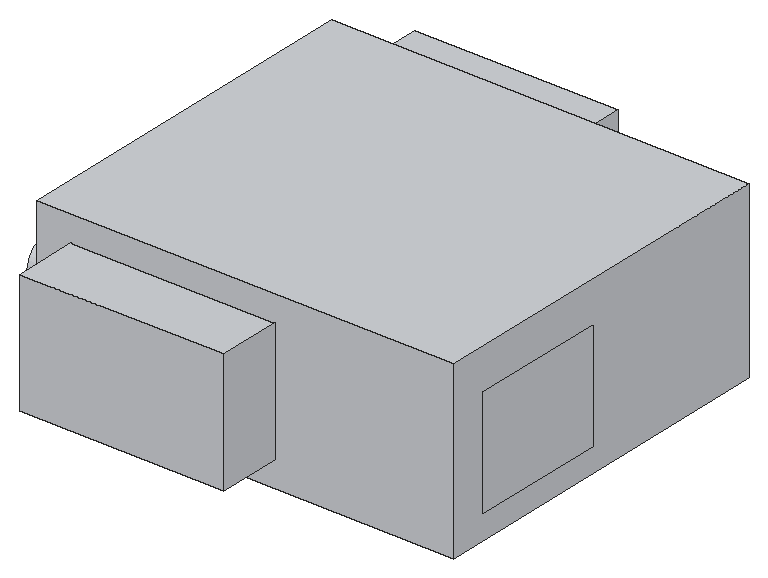
Revit family "M_Unidade terminal - Alimentação por ventilador - Controle digital - IAQ", category Equipamento mecânico, Revit 2019
Family settings
  Cota do conector redondo = Usar raio
  Tipo de parte = Normal
  Número OmniClass = 23.75.70.21.24.14
  Título OmniClass = Variable Volume Air Terminal Units
  ID de item do Seek = Terminal Unit - Fan Powered - Digital Controlled - IAQ-0000-CAN-ENU
  Com base no plano de trabalho = Não
  Sempre na vertical = Sim
  Corte com vazios quando carregada = Não
  Compartilhado = Não
  Ponto de cálculo do ambiente = Não
Parameters (values of type "Unidade tamanho 3")
  Largura = 920 mm
  Voltagem = 115 V
  Queda de pressão da unidade [instance] = 47.0 Pa
  Fluxo de ar de fornecimento [instance] = 425.0 L/s
  Fluxo de ar do ar primário [instance] = Fluxo de ar de fornecimento * 0.5  # 212.5 L/s
  Pólos = 1
  Classificação de carga = Refrigeração
  Carga = 500 VA
  Comprimento = 1040 mm
  Fluxo de ar do ar induzido [instance] = Fluxo de ar de fornecimento * 0.4  # 170.0 L/s
  Fluxo de ar do ar IAQ [instance] = Fluxo de ar de fornecimento * 0.1  # 42.5 L/s
  Altura = 435 mm
  HP = 0.17 W
  Cota R = 216 mm
  Cota P = 127 mm
  Cota N = 73 mm
  Cota M = 222.3 mm
  Cota K = 102 mm
  Cota J = 275 mm
  Cota G = 89 mm
  Cota F = 350 mm
  Cota E = 365 mm
  Cota D2 Raio = Cota D2 Diâmetro / 2  # 50 mm
  Cota D2 Diâmetro = 100 mm
  Cota D Raio = Cota D Diâmetro / 2  # 100 mm
  Cota D Diâmetro = 200 mm
  Cota C = 250 mm
  Cota B = 216 mm
  Cota A = 153 mm
  Assembly Code = ""
Types (5, lengths in mm): name | Largura | Voltagem | Queda de pressão da unidade | Fluxo de ar de fornecimento | Fluxo de ar do ar primário | Pólos | Carga | Comprimento | Fluxo de ar do ar induzido | Fluxo de ar do ar IAQ | Altura | HP | Cota R | Cota P | Cota N | Cota M | Cota K | Cota J | Cota G | Cota F | Cota E | Cota D2 Raio | Cota D2 Diâmetro | Cota D Raio | Cota D Diâmetro | Cota C | Cota B | Cota A
  Unidade tamanho 3 | 920 | 115 V | 47.0 Pa | 425.0 L/s | 212.5 L/s | 1 | 500 VA | 1040 | 170.0 L/s | 42.5 L/s | 435 | 0.17 W | 216 | 127 | 73 | 222.3 | 102 | 275 | 89 | 350 | 365 | 50 | 100 | 100 | 200 | 250 | 216 | 153
  Unidade tamanho 4 | 920 | 115 V | 42.0 Pa | 610.0 L/s | 305.0 L/s | 1 | 1000 VA | 1040 | 244.0 L/s | 61.0 L/s | 435 | 0.33 W | 216 | 127 | 124 | 222 | 102 | 275 | 89 | 350 | 365 | 75 | 150 | 125 | 250 | 250 | 216 | 178
  Unidade tamanho 5 | 1223 | 115 V | 40.0 Pa | 700.0 L/s | 350.0 L/s | 1 | 1200 VA | 1191 | 280.0 L/s | 70.0 L/s | 511.2 | 0.33 W | 254 | 140 | 124 | 280 | 64 | 365 | 240 | 415 | 440 | 100 | 200 | 150 | 300 | 460 | 258 | 203
  Unidade tamanho 6 | 1223 | 115 V | 42.0 Pa | 945.0 L/s | 472.5 L/s | 1 | 1400 VA | 1190 | 378.0 L/s | 94.5 L/s | 512 | 0.75 W | 254 | 140 | 175 | 280 | 64 | 365 | 241 | 415 | 440 | 100 | 200 | 175 | 350 | 460 | 258 | 254
  Unidade tamanho 7 | 1223 | 208 V | 37.0 Pa | 1130.0 L/s | 565.0 L/s | 3 | 2800 VA | 1190 | 452.0 L/s | 113.0 L/s | 512 | 1 W | 254 | 140 | 175 | 280 | 63.5 | 400 | 240 | 450 | 440 | 100 | 200 | 200 | 400 | 450 | 258 | 280
Reference planes
  plane 1 "Centro (Frente/Trás)": y = 0
  plane 2: z = 0
  plane 3 "Centro (Esquerda/Direita)": x = 0
  plane 4 "Largura": y = 920
  plane 5 "Comprimento": x = -1040
  plane 6: z = 435
  plane 7: x = -1033.65
  plane 8: x = -6.35
  plane 9: y = 89
  plane 10: y = 439
  plane 11: z = 333
  plane 12: z = 58
  plane 13 "N": x = -960.65
  plane 14: x = -452.65
  plane 15: y = 1078.75
  plane 16: z = 217.5
  plane 17: z = 369.9
  plane 18: z = 65.1
  plane 19: y = 767
  plane 20: z = 216
  plane 21: x = -1125.725
  plane 22: y = 127
  plane 23: y = 222.3
  plane 24: y = 472.3
  plane 25: z = 217.5
  plane 26: z = 400
  plane 27: z = 216
  plane 28: z = 35
  plane 29: x = -954.275
  plane 30: x = -446.275
  plane 31: y = -158.75
  plane 32: y = 1146.245
  plane 33: y = 241.3
  plane 34: y = 739.845
  plane 35: y = 38.1
Forms (mm)
  Extrusion 1, solid
    sketch origin (0, 0, 0) x (1, 0, 0) y (0, 1, 0)
      loop
        line (-1040, 920) -> (-1040, 0) -> (0, 0) -> (0, 920) -> (-1040, 920)
    from 0 to 435
  Extrusion 2, void
    sketch origin (0, 0, 0) x (0, 1, 0) y (0, 0, 1)
      loop
        line (89, 333) -> (89, 58) -> (439, 58) -> (439, 333) -> (89, 333)
    from 0 to -6.35
  Extrusion 3, solid
    sketch origin (-1.8, 0, 0) x (1, 0, 0) y (0, 1, 0)
      loop
        line (-958.85, 1078.75) -> (-958.85, 920) -> (-450.85, 920) -> (-450.85, 1078.75) -> (-958.85, 1078.75)
    from 65.1 to 369.9
  Extrusion 4, solid
    sketch origin (0, 0, 0) x (0, 1, 0) y (0, 0, 1)
      loop
        circle (767, 216) r 100
    from -1125.725 to -1040
  Extrusion 5, void
    sketch origin (0, 0, 0) x (0, 1, 0) y (0, 0, 1)
      loop
        line (472.3, 400) -> (222.3, 400) -> (222.3, 35) -> (472.3, 35) -> (472.3, 400)
    from -1040 to -1033.65
  Extrusion 6, solid
    sketch origin (0, 0, 0) x (0, 1, 0) y (0, 0, 1)
      loop
        circle (127, 216) r 50
    from -1040 to -1125.725
  Extrusion 7, solid
    sketch origin (0, 0, 0) x (1, 0, 0) y (0, 1, 0)
      loop
        line (-954.275, 0) -> (-954.275, -158.75) -> (-446.275, -158.75) -> (-446.275, 0) -> (-954.275, 0)
    from 65.1 to 369.9
  Extrusion 8, solid
    sketch origin (0, 0, 0) x (1, 0, 0) y (0, 1, 0)
      loop
        line (-1040, 920) -> (-1040, 0) -> (0, 0) -> (0, 920) -> (-1040, 920)
    from 0 to 435
  Extrusion 9, solid
    sketch origin (0, 0, 0) x (1, 0, 0) y (0, 1, 0)
      loop
        line (-1040, 920) -> (-1040, 0) -> (0, 0) -> (0, 920) -> (-1040, 920)
    from 0 to 435
Cuts and joins
  Extrusion 2, Extrusion 5 cuts Extrusion 1
Lines and regions (mm)
  model lines
    curve 1: line (-960.65, 920, 0) -> (-452.65, 920, 0)
    curve 2: line (0, 439, 0) -> (0, 89, 0)
    curve 3: line (-1040, 472.3, 0) -> (-1040, 222.3, 0)
    curve 4: line (-954.275, 0, 0) -> (-446.275, 0, 0)
Dimensions and locks
  "Comprimento": plane 5 "Comprimento" to plane 3 "Centro (Esquerda/Direita)"
  plane 4 "Largura" to plane 1 "Centro (Frente/Trás)" = 920 mm
  "Altura": plane 6 to level
  locked: plane 5 "Comprimento" to plane 7 at 6.35
  locked: plane 8 to plane 3 "Centro (Esquerda/Direita)" at 6.35
  "Cota G": plane 1 "Centro (Frente/Trás)" to plane 9
  "Cota F": plane 9 to plane 10
  "Cota K": plane 6 to plane 11
  "Cota J": plane 11 to plane 12
  "Cota N": plane 7 to plane 13 "N"
  locked: plane 13 "N" to plane 14 at 508
  locked: plane 15 to plane 4 "Largura" at 158.75
  equal spacing: plane 6, plane 16, level
  equal spacing: plane 17, plane 16, plane 18
  locked: plane 17 to plane 18 at 304.8
  "Cota A": plane 4 "Largura" to plane 19
  "Cota B": plane 20 to level
  locked: plane 21 to plane 5 "Comprimento" at 85.725
  "Cota P": plane 22 to plane 1 "Centro (Frente/Trás)"
  "Cota C": plane 24 to plane 23
  equal spacing: plane 6, plane 25, level
  "Cota R": plane 27 to level
  "Cota M": plane 23 to plane 1 "Centro (Frente/Trás)"
  equal spacing: plane 28, plane 25, plane 26
  "Cota E": plane 28 to plane 26
  locked: plane 5 "Comprimento" to plane 29 at 85.725
  locked: plane 29 to plane 30 at 508
  locked: plane 31 to plane 1 "Centro (Frente/Trás)" at 158.75
  "Largura": plane 4 "Largura" to plane 1 "Centro (Frente/Trás)"
  "Cota D Raio": radius of Extrusion 4 sketch curve
  "Cota D2 Raio": radius of Extrusion 6 sketch curve
  aligned and locked: plane 5 "Comprimento" to Extrusion 1 sketch curve
  aligned and locked: Extrusion 1 sketch curve to plane 4 "Largura"
  aligned and locked: plane 1 "Centro (Frente/Trás)" to Extrusion 1 sketch curve
  aligned and locked: Extrusion 1 sketch curve to plane 3 "Centro (Esquerda/Direita)"
  aligned and locked: plane 6 to Extrusion 1
  aligned and locked: plane 9 to Extrusion 2 sketch curve
  aligned and locked: Extrusion 2 sketch curve to plane 11
  aligned and locked: plane 12 to Extrusion 2 sketch curve
  aligned and locked: Extrusion 2 sketch curve to plane 10
  aligned and locked: Extrusion 2 to plane 8
  aligned and locked: plane 13 "N" to Extrusion 3 sketch curve
  aligned and locked: Extrusion 3 sketch curve to plane 15
  aligned and locked: plane 4 "Largura" to Extrusion 3 sketch curve
  aligned and locked: Extrusion 3 sketch curve to plane 14
  aligned and locked: plane 17 to Extrusion 3
  aligned and locked: plane 18 to Extrusion 3
  aligned and locked: Extrusion 4 to plane 21
  aligned and locked: Extrusion 4 to cut or joined group of Extrusion 1, Extrusion 2, Extrusion 5
  aligned and locked: plane 24 to Extrusion 5 sketch curve
  aligned and locked: Extrusion 5 sketch curve to plane 26
  aligned and locked: plane 28 to Extrusion 5 sketch curve
  aligned and locked: Extrusion 5 sketch curve to plane 23
  aligned and locked: cut or joined group of Extrusion 1, Extrusion 2, Extrusion 5 to plane 5 "Comprimento"
  aligned and locked: plane 7 to cut or joined group of Extrusion 1, Extrusion 2, Extrusion 5
  aligned and locked: Extrusion 6 to plane 21
  aligned and locked: plane 5 "Comprimento" to Extrusion 6
  aligned and locked: plane 29 to Extrusion 7 sketch curve
  aligned and locked: plane 1 "Centro (Frente/Trás)" to Extrusion 7 sketch curve
  aligned and locked: plane 31 to Extrusion 7 sketch curve
  aligned and locked: plane 30 to Extrusion 7 sketch curve
  aligned and locked: plane 17 to Extrusion 7
  aligned and locked: Extrusion 7 to plane 18
  aligned and locked: plane 13 "N" to curve 1
  aligned and locked: plane 14 to Extrusion 3
  aligned and locked: curve 2 to cut or joined group of Extrusion 1, Extrusion 2, Extrusion 5
  aligned and locked: plane 10 to curve 2
  aligned and locked: plane 9 to curve 2
  aligned and locked: curve 3 to cut or joined group of Extrusion 1, Extrusion 2, Extrusion 5
  aligned and locked: cut or joined group of Extrusion 1, Extrusion 2, Extrusion 5 to curve 3
  aligned and locked: plane 23 to curve 3
  aligned and locked: curve 4 to Extrusion 7  (x2)
  aligned and locked: plane 30 to curve 4
  aligned and locked: curve 1 to Extrusion 3
  aligned and locked: plane 14 to curve 1
  aligned and locked: Extrusion 8 sketch curve to cut or joined group of Extrusion 1, Extrusion 2, Extrusion 5  (x3)
  aligned and locked: cut or joined group of Extrusion 1, Extrusion 2, Extrusion 5 to Extrusion 8 sketch curve
  aligned and locked: plane 6 to Extrusion 8
  aligned and locked: Extrusion 9 sketch curve to cut or joined group of Extrusion 1, Extrusion 2, Extrusion 5  (x3)
  aligned and locked: cut or joined group of Extrusion 1, Extrusion 2, Extrusion 5 to Extrusion 9 sketch curve
  aligned and locked: plane 6 to Extrusion 9
  aligned and locked: plane 19 to Extrusion 4 sketch curve
  aligned and locked: plane 20 to Extrusion 4 sketch curve
  aligned and locked: plane 22 to Extrusion 6 sketch curve
  aligned and locked: plane 27 to Extrusion 6 sketch curve
Connectors
  electrical at (-706.65, 999.375, 369.9), driven by "Carga", driven by "Voltagem", driven by "Pólos", driven by "Classificação de carga"
    settings: on Extrusion 3, index 1, voltage 115 V, apparent load 500 VA, apparent load phase1 2800 VA, apparent load phase2 0 VA, apparent load phase3 0 VA, power factor 0.8, load classification "Refrigeração", number of poles 1, system type 31, power factor state 1, is connector primary yes, connector utility no, sub classification motor no, connector description ""
  hvac at (-1125.725, 767, 216), driven by "Fluxo de ar do ar primário", driven by "Cota D Raio"
    settings: on Extrusion 4, index 2, duct flow 212.5 L/s, flow factor 0, pres drop 0.0 Pa, loss coef 0, conn angle 0.00°, conn width 304.8 mm, conn height 304.8 mm, conn diameter 200 mm, duct sys type 1, conn prof type 0, flow config 0, flow direction 1, loss method 4, conn ref index -1, conn util no, is conn primary no, conn desc ""
  hvac at (-1033.65, 347.3, 217.5), driven by "Fluxo de ar do ar induzido", driven by "Cota E", driven by "Cota C"
    settings: on cut or joined group of Extrusion 1, Extrusion 2, Extrusion 5, index 3, duct flow 170.0 L/s, flow factor 0, pres drop 0.0 Pa, loss coef 0, conn angle 0.00°, conn width 250 mm, conn height 365 mm, conn diameter 609.6 mm, duct sys type 2, conn prof type 1, flow config 0, flow direction 1, loss method 4, conn ref index -1, conn util no, is conn primary no, conn desc ""
  hvac at (-6.35, 264, 195.5), driven by "Fluxo de ar de fornecimento", driven by "Cota J", driven by "Cota F", driven by "Queda de pressão da unidade"
    settings: on cut or joined group of Extrusion 1, Extrusion 2, Extrusion 5, index 4, duct flow 425.0 L/s, flow factor 0, pres drop 47.0 Pa, loss coef 0, conn angle 0.00°, conn width 350 mm, conn height 275 mm, conn diameter 609.6 mm, duct sys type 1, conn prof type 1, flow config 0, flow direction 2, loss method 4, conn ref index -1, conn util no, is conn primary yes, conn desc ""
  hvac at (-1125.725, 127, 216), driven by "Fluxo de ar do ar IAQ", driven by "Cota D2 Raio"
    settings: on Extrusion 6, index 5, duct flow 42.5 L/s, flow factor 0, pres drop 0.0 Pa, loss coef 0, conn angle 0.00°, conn width 304.8 mm, conn height 304.8 mm, conn diameter 100 mm, duct sys type 1, conn prof type 0, flow config 0, flow direction 1, loss method 4, conn ref index -1, conn util no, is conn primary no, conn desc ""
